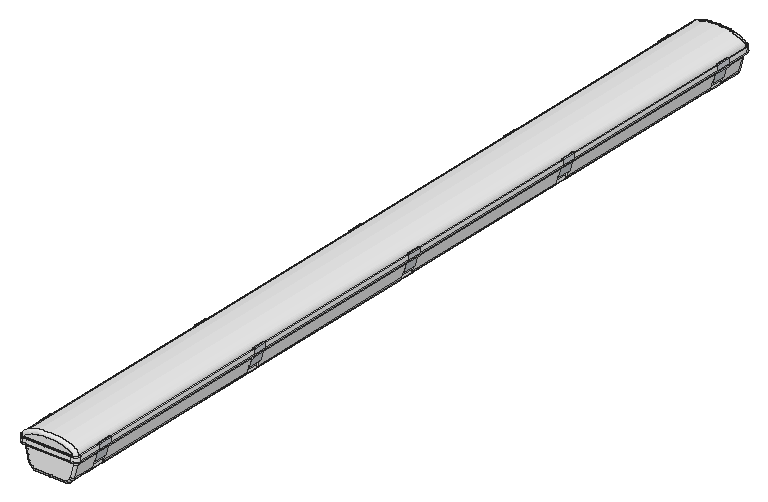
Revit family "0067958 Sylvania Lighting Fixture START Waterproof Twin 1500 IP65 MW 7100lm 840", category Lighting Fixtures, host Face, Revit 2016
Family settings
  Host = Face
  Part Type = Normal
  Round Connector Dimension = Use Diameter
  OmniClass Number = 23.80.70.11.14
  OmniClass Title = General Luminaries, Directional
  Cut with Voids When Loaded = No
  Light Source = Yes
  Shared = No
  Room Calculation Point = No
Parameters (values of type "0067958 ST WTRPRF T 1500 IP65 MW 7100LM 840")
  Width = 110 mm
  Weight = "kg"
  Wattage Comments = "n/a"
  Wattage = 61 W
  WarrantyStartDate [instance] = "n/a"
  WarrantyGuarantorParts = "n/a"
  WarrantyDurationUnit = "n/a"
  WarrantyDurationParts = "n/a"
  WarrantyDescription = "n/a"
  built-in parameter 1150110 = 1 (stored number, unit not read)
  Voltage = 0 V
  URL = "http://www.sylvania-lighting.com"
  TypeName = "START Waterproof Twin 1500 IP65 MW 7100lm 840"
  Type Image = <None>
  Type Comments = "n/a"
  built-in parameter 1114217 = 1 (stored number, unit not read)
  Tilt Angle = -90.00°
  built-in parameter 1150109 = 1 (stored number, unit not read)
  built-in parameter 1150134 = 12
  built-in parameter 1150113 = 1 (stored number, unit not read)
  SerialNumber [instance] = "n/a"
  ReflectorMaterial = none
  PowerFactor = 0
  PowerConsumption = "61 W"
  Photometric Web File = "0067958.ies"
  NominalWidth = 0 mm
  NominalLength = 1578 mm
  NominalHeight = 78 mm
  Name = "START Waterproof Twin 1500 IP65 MW 7100lm 840"
  ModelReference = "START Waterproof Twin 1500 IP65 MW 7100lm 840"
  ModelNumber = "0067958"
  Model = "START Waterproof Twin 1500 IP65 MW 7100lm 840"
  Material = "polycarbonate housing, polycarbonate diffuser"
  ManufacturerName = "Feilo Sylvania"
  Manufacturer = "Feilo Sylvania"
  LuminousEfficacy = "61 lm/W"
  built-in parameter 1150105 = 296.11 (stored number, unit not read)
  Lumens = 3721 lm
  LuminaireType = ""
  built-in parameter 1150115 = 1 (stored number, unit not read)
  LightOutputRatio = "n/a"
  built-in parameter 1150137 = (empty or 0)
  built-in parameter 1150139 = (empty or 0)
  Length = 1572 mm
  LampsType = Lamp  # "LED"
  LampNominalLuminous = "7050 lm"
  LampMacAdamStep = "n/a"
  LampColourTemperature = "4000 K"
  LampColourRenderingIndex = "80"
  built-in parameter 1150112 = 1 (stored number, unit not read)
  built-in parameter 1150114 = 1 (stored number, unit not read)
  Lamp = "LED"
  Keynote = "16500"
  InstallationDate [instance] = "n/a"
  InputVoltage = "n/a"
  InputNominalFrequency = "n/a"
  built-in parameter 1150132 = (empty or 0)
  built-in parameter 1150102 = (empty or 0)
  built-in parameter 1150107 = 4000 (stored number, unit not read)
  built-in parameter 1150138 = (empty or 0)
  IngressProtection = "IP65"
  ImpactProtectionIndex = "IK08"
  built-in parameter 1150106 = 2.9611 (stored number, unit not read)
  IfcExportType = "IfcLightFixtureType"
  IfcExportAs = "IfcLightFixtureType"
  ExpectedLife = 50000
  Emit from Rectangle Width = Width - 20 mm  # 90 mm
  Emit from Rectangle Length = Length - 20 mm  # 1552 mm
  Emit Shape Visible in Rendering = no
  ElectricShockClassification = "Class I"
  built-in parameter 1150104 = 5.6671 (stored number, unit not read)
  DurationUnit = "hours"
  DocumentationLiterature = "http://www.sylvania-lighting.com/product/en-int/products/0067958"
  DimmingControlOptions = "n/a"
  Dimming Lamp Color Temperature Shift = <None>
  DiffuserMaterial = Diffuser-Sylvania-Transparent
  Description = ""
  Default Elevation = 1219.2 mm
  CreatedOn = "11/27/2018"
  CreatedBy = "@sylvania-lighting.com"
  Cost = 0
  Color Filter = 16777215
  built-in parameter 1114216 [instance] = (empty or 0)
  ClassificationValue = "EF_70_80"
  ClassificationName = "Uniclass2015"
  BodyMaterial = Body-Sylvania-Gray
  BarCode [instance] = "n/a"
  built-in parameter 1114218 = 1 (stored number, unit not read)
  built-in parameter 1150133 = 10 (stored number, unit not read)
  AssetType = "Fixed"
  AssetIdentifier [instance] = "n/a"
  Assembly Code = "D5020200"
  Apparent Load = 61 VA
  AccessoryMaterial = Diffuser-Sylvania-Glow
Reference planes
  plane 1 "Center (Front/Back)": y = 0
  plane 2: z = 0
  plane 3 "Center (Left/Right)": x = 0
  plane 4: z = 54
  plane 5: x = -27.7
  plane 6: x = -34.8
  plane 7: x = -39.6
  plane 8: x = -42.2
  plane 9: z = 3
  plane 10: z = 7.8
  plane 11: z = 12.3
  plane 12: z = 36.6
  plane 13: z = 42.8
  plane 14: x = -51.1
  plane 15: z = 46.2
  plane 16: x = -55
  plane 17: y = 786
  plane 18: y = -786
  plane 19: x = 27.7
  plane 20: x = 34.8
  plane 21: x = 39.6
  plane 22: x = 42.2
  plane 23: x = 51.1
  plane 24: x = 55
  plane 25: y = 778.4
  plane 26: y = -778.4
  plane 27: y = -774.7
  plane 28: y = 774.7
  plane 29: z = 74
  plane 30: x = -51.5
  plane 31: x = 51.5
  plane 32: z = 55.2
  plane 33: y = -782.5
  plane 34: y = 782.5
  plane 35: x = -37.5
  plane 36: x = 37.5
  plane 37: x = -48.7
  plane 38: x = 48.7
  plane 39: x = 18
  plane 40: x = -18
  plane 41: z = 50.2
  plane 42: z = 24.6
  plane 43: y = 720
  plane 44: y = 706
  plane 45: y = 734
  plane 46: y = -720
  plane 47: y = 720
  plane 48: y = 706
  plane 49: y = 734
  plane 50: y = -720
  plane 51: y = -734
  plane 52: y = -706
  plane 53: y = 360
  plane 54: y = 346
  plane 55: y = 374
  plane 56: y = 0
  plane 57: y = -14
  plane 58: y = 14
  plane 59: y = -360
  plane 60: y = -374
  plane 61: y = -346
Forms (mm)
  Sweep 1, solid, material "Body-Sylvania-Gray" <- "BodyMaterial", detail levels medium+fine
    path origin (1223.4, -4572, 54) x (0, -1, 0) y (1, 0, 0)
      loop
        arc (-3796, -1278.4) -> (-3788.929, -1275.471) -> (-3786, -1268.4) r 10
        line (-3786, -1268.4) -> (-3786, -1178.4)
        arc (-3786, -1178.4) -> (-3788.929, -1171.329) -> (-3796, -1168.4) r 10
        line (-3796, -1168.4) -> (-5348, -1168.4)
        arc (-5348, -1168.4) -> (-5355.071, -1171.329) -> (-5358, -1178.4) r 10
        line (-5358, -1178.4) -> (-5358, -1268.4)
        arc (-5358, -1268.4) -> (-5355.071, -1275.471) -> (-5348, -1278.4) r 10
        line (-5348, -1278.4) -> (-3796, -1278.4)
    profile origin (-55, 0, 54) x (-1, 0, 0) y (0, 0, 1)
      loop
        line (0, 0) -> (-1, 0) -> (-1, -7.726)
        arc (-1, -7.726) -> (-1.994, -9.498) -> (-3.9, -10.2) r 2.937
        line (-3.9, -10.2) -> (-8.571, -10.2) -> (-8.571, -11.2) -> (-3.9, -11.2)
        arc (-3.9, -11.2) -> (-1.313, -10.231) -> (0, -7.8) r 3.937
        line (0, -7.8) -> (0, 0)
  Sweep 2, solid, material "Body-Sylvania-Gray" <- "BodyMaterial", detail levels medium+fine
    path origin (0, 0, 0) x (1, 0, 0) y (0, 0, 1)
      loop
        line (48.7, 42.8) -> (48.7, 36.6) -> (42.203, 12.31)
        arc (42.203, 12.31) -> (41.199, 9.884) -> (39.6, 7.8) r 10.052
        line (39.6, 7.8) -> (34.8, 3)
        arc (34.8, 3) -> (31.554, 0.781) -> (27.7, 0) r 9.902
        line (27.7, 0) -> (0, 0) -> (-27.7, 0)
        arc (-27.7, 0) -> (-31.554, 0.781) -> (-34.8, 3) r 9.902
        line (-34.8, 3) -> (-39.6, 7.8)
        arc (-39.6, 7.8) -> (-41.199, 9.884) -> (-42.203, 12.31) r 10.052
        line (-42.203, 12.31) -> (-48.7, 36.6) -> (-48.7, 42.8)
    profile origin (0, 0, 0) x (0, 0, -1) y (0, -1, 0)
      loop
        arc (0, 773.4) -> (-1.464, 776.936) -> (-5, 778.4) r 5
        line (-5, 778.4) -> (-7.8, 778.4) -> (-7.8, -778.4) -> (-5, -778.4)
        arc (-5, -778.4) -> (-1.464, -776.936) -> (0, -773.4) r 5
        line (0, -773.4) -> (0, 773.4)
  Extrusion 3, solid, material "Body-Sylvania-Gray" <- "BodyMaterial", detail levels medium+fine
    sketch origin (1524, 778.4, 1219.2) x (1, 0, 0) y (0, 0, 1)
      loop
        arc (-1558.668, -1204.874) -> (-1558.443, -1205.418) -> (-1558.085, -1205.885) r 2.252
        line (-1558.085, -1205.885) -> (-1553.231, -1210.738)
        arc (-1553.231, -1210.738) -> (-1552.534, -1211.227) -> (-1551.7, -1211.4) r 2.102
        line (-1551.7, -1211.4) -> (-1496.3, -1211.4)
        arc (-1496.3, -1211.4) -> (-1495.466, -1211.227) -> (-1494.769, -1210.738) r 2.102
        line (-1494.769, -1210.738) -> (-1489.915, -1205.885)
        arc (-1489.915, -1205.885) -> (-1489.557, -1205.418) -> (-1489.332, -1204.874) r 2.252
        line (-1489.332, -1204.874) -> (-1483.1, -1181.575) -> (-1483.1, -1176.4) -> (-1564.9, -1176.4) -> (-1564.9, -1181.575) -> (-1558.668, -1204.874)
    from 0 to 1556.8
  Sweep 4, solid, material "Diffuser-Sylvania-Transparent" <- "DiffuserMaterial", detail levels medium+fine
    path origin (0, 0, 0) x (1, 0, 0) y (0, 0, 1)
      loop
        spline (-51.5, 55.2) -> (-49.745, 60.066) -> (-44.6, 64.6) -> (-36.416, 68.494) -> (-25.75, 71.481) -> (-13.329, 73.359) -> (0, 74) -> (13.329, 73.359) -> (25.75, 71.481) -> (36.416, 68.494) -> (44.6, 64.6) -> (49.745, 60.066) -> (51.5, 55.2)
    profile origin (51.5, 0, 55.2) x (0, -1, 0) y (1, 0, 0)
      loop
        arc (782.5, -5.5) -> (780.889, -1.611) -> (777, 0) r 5.5
        line (777, 0) -> (-777, 0)
        arc (-777, 0) -> (-780.889, -1.611) -> (-782.5, -5.5) r 5.5
        line (-782.5, -5.5) -> (-782.5, -6.3) -> (-781.5, -6.3) -> (-781.5, -5.5)
        arc (-781.5, -5.5) -> (-780.182, -2.318) -> (-777, -1) r 4.5
        line (-777, -1) -> (777, -1)
        arc (777, -1) -> (780.182, -2.318) -> (781.5, -5.5) r 4.5
        line (781.5, -5.5) -> (781.5, -6.347) -> (782.5, -6.347) -> (782.5, -5.5)
  Extrusion 5, solid, material "Diffuser-Sylvania-Transparent" <- "DiffuserMaterial", detail levels medium+fine
    sketch origin (1524, -782.5, 1219.2) x (1, 0, 0) y (0, 0, 1)
      loop
        line (-1569.653, -1164) -> (-1478.347, -1164)
        spline (-1478.347, -1164) -> (-1478.969, -1162.594) -> (-1482.527, -1159.545) -> (-1489.588, -1156.201) -> (-1499.458, -1153.445) -> (-1511.242, -1151.663) -> (-1524, -1151.049) -> (-1536.758, -1151.663) -> (-1548.542, -1153.445) -> (-1558.412, -1156.201) -> (-1565.473, -1159.545) -> (-1569.031, -1162.594) -> (-1569.653, -1164)
    from 0 to -1
  Extrusion 6, solid, material "Diffuser-Sylvania-Transparent" <- "DiffuserMaterial", detail levels medium+fine
    sketch origin (1524, 782.5, 1219.2) x (1, 0, 0) y (0, 0, 1)
      loop
        spline (-1478.3, -1164) -> (-1478.931, -1162.565) -> (-1482.502, -1159.505) -> (-1489.572, -1156.155) -> (-1499.446, -1153.394) -> (-1511.236, -1151.614) -> (-1524, -1151.007) -> (-1536.764, -1151.614) -> (-1548.554, -1153.394) -> (-1558.428, -1156.155) -> (-1565.498, -1159.505) -> (-1569.069, -1162.565) -> (-1569.7, -1164)
        line (-1569.7, -1164) -> (-1478.3, -1164)
    from 0 to 1
  Extrusion 7, solid, material "Diffuser-Sylvania-Transparent" <- "DiffuserMaterial", detail levels medium+fine
    sketch origin (1223.4, -4572, 55.2) x (0, -1, 0) y (-1, 0, 0)
      loop
        arc (-5353.5, 1177.4) -> (-5352.182, 1174.218) -> (-5349, 1172.9) r 4.5
        line (-5349, 1172.9) -> (-3795, 1172.9)
        arc (-3795, 1172.9) -> (-3791.818, 1174.218) -> (-3790.5, 1177.4) r 4.5
        line (-3790.5, 1177.4) -> (-3790.5, 1269.4)
        arc (-3790.5, 1269.4) -> (-3791.818, 1272.582) -> (-3795, 1273.9) r 4.5
        line (-3795, 1273.9) -> (-5349, 1273.9)
        arc (-5349, 1273.9) -> (-5352.182, 1272.582) -> (-5353.5, 1269.4) r 4.5
        line (-5353.5, 1269.4) -> (-5353.5, 1177.4)
      loop
        line (-5358, 1268.4) -> (-5358, 1178.4)
        arc (-5358, 1178.4) -> (-5355.071, 1171.329) -> (-5348, 1168.4) r 10
        line (-5348, 1168.4) -> (-3796, 1168.4)
        arc (-3796, 1168.4) -> (-3788.929, 1171.329) -> (-3786, 1178.4) r 10
        line (-3786, 1178.4) -> (-3786, 1268.4)
        arc (-3786, 1268.4) -> (-3788.929, 1275.471) -> (-3796, 1278.4) r 10
        line (-3796, 1278.4) -> (-5348, 1278.4)
        arc (-5348, 1278.4) -> (-5355.071, 1275.471) -> (-5358, 1268.4) r 10
    from 0 to 1.2
  Extrusion 8, solid, material "Diffuser-Sylvania-Glow" <- "AccessoryMaterial", detail levels fine
    sketch origin (0, 0, 0) x (1, 0, 0) y (0, 0, 1)
      loop
        circle (-18, 50.2) r 8
      loop
        circle (18, 50.2) r 8
    from -774.7 to 774.7
  Extrusion 9, void
    sketch origin (0, 720, 2343.807) x (0, 0, -1) y (-1, 0, 0)
      loop
        line (2340.807, -37.5) -> (2331.507, -37.5) -> (2319.207, -42.2) -> (2319.207, -48.7) -> (2340.807, -48.7) -> (2340.807, -37.5)
      loop
        line (2340.807, 37.5) -> (2340.807, 48.7) -> (2319.207, 48.7) -> (2319.207, 42.2) -> (2331.507, 37.5) -> (2340.807, 37.5)
    from -14 to 14
  Extrusion 10, solid, material "Body-Sylvania-Gray" <- "BodyMaterial", detail levels coarse
    sketch origin (0, 0, 0) x (1, 0, 0) y (0, 0, 1)
      loop
        line (55, 42.8) -> (55, 55.2) -> (-55, 55.2) -> (-55, 42.791) -> (-42.2, 0) -> (42.2, 0) -> (55, 42.8)
    from -786 to 786
  Extrusion 11, solid, material "Diffuser-Sylvania-Transparent" <- "DiffuserMaterial", detail levels coarse
    sketch origin (0, 0, 0) x (1, 0, 0) y (0, 0, 1)
      loop
        arc (51.5, 55.2) -> (0, 74) -> (-51.5, 55.2) r 79.939
        line (-51.5, 55.2) -> (51.5, 55.2)
    from 778.4 to -778.4
  Extrusion 12, void, not visible
    sketch origin (0, 720, 2343.807) x (0, 0, -1) y (-1, 0, 0)
      loop
        line (2340.807, -37.5) -> (2331.507, -37.5) -> (2319.207, -42.2) -> (2319.207, -48.7) -> (2340.807, -48.7) -> (2340.807, -37.5)
      loop
        line (2340.807, 37.5) -> (2340.807, 48.7) -> (2319.207, 48.7) -> (2319.207, 42.2) -> (2331.507, 37.5) -> (2340.807, 37.5)
    from -14 to 14
  Extrusion 13, void
    sketch origin (0, -720, 2343.807) x (0, 0, -1) y (-1, 0, 0)
      loop
        line (2340.807, -37.5) -> (2331.507, -37.5) -> (2319.207, -42.2) -> (2319.207, -48.7) -> (2340.807, -48.7) -> (2340.807, -37.5)
      loop
        line (2340.807, 37.5) -> (2340.807, 48.7) -> (2319.207, 48.7) -> (2319.207, 42.2) -> (2331.507, 37.5) -> (2340.807, 37.5)
    from -14 to 14
  Extrusion 14, void
    sketch origin (0, 360, 2343.807) x (0, 0, -1) y (-1, 0, 0)
      loop
        line (2340.807, -37.5) -> (2331.507, -37.5) -> (2319.207, -42.2) -> (2319.207, -48.7) -> (2340.807, -48.7) -> (2340.807, -37.5)
      loop
        line (2340.807, 37.5) -> (2340.807, 48.7) -> (2319.207, 48.7) -> (2319.207, 42.2) -> (2331.507, 37.5) -> (2340.807, 37.5)
    from -14 to 14
  Extrusion 15, void
    sketch origin (0, 0, 2343.807) x (0, 0, -1) y (-1, 0, 0)
      loop
        line (2340.807, -37.5) -> (2331.507, -37.5) -> (2319.207, -42.2) -> (2319.207, -48.7) -> (2340.807, -48.7) -> (2340.807, -37.5)
      loop
        line (2340.807, 37.5) -> (2340.807, 48.7) -> (2319.207, 48.7) -> (2319.207, 42.2) -> (2331.507, 37.5) -> (2340.807, 37.5)
    from -14 to 14
  Extrusion 16, void
    sketch origin (0, -360, 2343.807) x (0, 0, -1) y (-1, 0, 0)
      loop
        line (2340.807, -37.5) -> (2331.507, -37.5) -> (2319.207, -42.2) -> (2319.207, -48.7) -> (2340.807, -48.7) -> (2340.807, -37.5)
      loop
        line (2340.807, 37.5) -> (2340.807, 48.7) -> (2319.207, 48.7) -> (2319.207, 42.2) -> (2331.507, 37.5) -> (2340.807, 37.5)
    from -14 to 14
Cuts and joins
  Extrusion 9, Extrusion 13, Extrusion 14, Extrusion 15, Extrusion 16 cuts Sweep 2
  Extrusion 13, Extrusion 14, Extrusion 15, Extrusion 16 cuts Extrusion 3
  joined: Sweep 2, Extrusion 3
  joined: Sweep 4, Extrusion 5, Extrusion 6
Dimensions and locks
  locked: plane 4 to plane 2 at 54
  plane 5 to plane 6 to plane 7 to plane 8 to plane 14 to plane 16 = 7.1 mm locked, 4.8 mm locked, 2.6 mm locked, 8.9 mm, 3.9 mm
  plane 4 to plane 15 to plane 13 to plane 12 to plane 11 to plane 10 to plane 9 = 7.8 mm locked, 3.4 mm, 6.2 mm locked, 24.3 mm locked, 4.5 mm locked, 4.8 mm locked
  equal spacing: plane 18, plane 1 "Center (Front/Back)", plane 17
  "Length": plane 18 to plane 17
  plane 19 to plane 20 to plane 21 to plane 22 to plane 23 to plane 24 = 7.1 mm locked, 4.8 mm locked, 2.6 mm locked, 8.9 mm, 3.9 mm
  equal spacing: plane 24, plane 3 "Center (Left/Right)", plane 16
  "Width": plane 24 to plane 16
  equal spacing: plane 27, plane 1 "Center (Front/Back)", plane 28
  locked: plane 26 to plane 27 at 3.7
  locked: Sweep 1 sketch curve to profile plane at 1
  locked: Sweep 1 sketch curve to plane 13 at 1
  locked: Sweep 1 sketch curve to plane 13 at 3.937  (x2)
  locked: Sweep 1 sketch curve to profile plane at 3.9  (x2)
  locked: plane 29 to plane 4 at 20
  equal spacing: plane 31, plane 3 "Center (Left/Right)", plane 30
  locked: plane 30 to plane 16 at 3.5
  locked: plane 32 to plane 4 at 1.2
  equal spacing: plane 33, plane 1 "Center (Front/Back)", plane 34
  equal spacing: plane 36, plane 3 "Center (Left/Right)", plane 35
  locked: plane 3 "Center (Left/Right)" to plane 35 at 37.5
  locked: plane 34 to plane 17 at 3.5
  equal spacing: plane 38, plane 3 "Center (Left/Right)", plane 37
  locked: plane 37 to plane 16 at 6.3
  equal spacing: plane 25, plane 1 "Center (Front/Back)", plane 26
  locked: plane 17 to plane 25 at 7.6
  locked: Sweep 2 sketch curve to plane 2 at 5  (x2)
  locked: Sweep 2 sketch curve to plane 26 at 5
  locked: plane 25 to Sweep 2 sketch curve at 5
  locked: Sweep 4 sketch curve to plane 31 at 5.5  (x2)
  locked: Sweep 4 sketch curve to plane 34 at 5.5
  plane 33 to Sweep 4 sketch curve = 5.5 mm
  locked: plane 34 to Sweep 4 sketch curve at 1
  locked: Sweep 4 sketch curve to plane 31 at 1
  locked: Sweep 4 sketch curve to Sweep 4 sketch curve at 1
  locked: Sweep 4 sketch curve to plane 31 at 6.347
  locked: Sweep 4 sketch curve to plane 31 at 6.3
  equal spacing: plane 39, plane 3 "Center (Left/Right)", plane 40
  locked: plane 3 "Center (Left/Right)" to plane 40 at 18
  locked: plane 42 to plane 2 at 24.6
  plane 45 to plane 43 to plane 44 = 14 mm locked, 14 mm locked
  locked: plane 17 to plane 43 at 66
  equal spacing: plane 43, plane 1 "Center (Front/Back)", plane 46
  plane 49 to plane 47 to plane 48 = 14 mm locked, 14 mm locked
  plane 52 to plane 50 to plane 51 = 14 mm locked, 14 mm locked  (x2)
  equal spacing: group 1, group 6, group 7, group 8, group 5  (x2)
  equal spacing: group 5, group 8, group 7, group 6, group 1
  plane 55 to plane 53 to plane 54 = 14 mm locked, 14 mm locked  (x2)
  plane 58 to plane 56 to plane 57 = 14 mm locked, 14 mm locked  (x2)
  plane 61 to plane 59 to plane 60 = 14 mm locked, 14 mm locked  (x2)
  plane 43 to plane 53 to plane 1 "Center (Front/Back)" to plane 59 to plane 50 = 360 mm locked, 360 mm locked, 360 mm locked, 360 mm locked
  aligned and locked: plane 2 to host face
  aligned and locked: level to host face
  aligned and locked: plane 16 to Sweep 1 sketch curve
  aligned and locked: Sweep 1 sketch curve to plane 24
  aligned and locked: plane 18 to Sweep 1 sketch curve
  aligned and locked: Sweep 1 sketch curve to plane 13
  aligned and locked: profile plane to Sweep 1 sketch curve
  aligned and locked: plane 3 "Center (Left/Right)" to Sweep 2 sketch curve
  aligned and locked: plane 9 to Sweep 2 sketch curve
  aligned and locked: plane 10 to Sweep 2 sketch curve
  aligned and locked: plane 37 to Sweep 2 sketch curve
  aligned and locked: plane 12 to Sweep 2 sketch curve
  aligned and locked: Sweep 2 sketch curve to level
  aligned and locked: plane 21 to Sweep 2 sketch curve
  aligned and locked: plane 38 to Sweep 2 sketch curve
  aligned and locked: profile plane to Sweep 2 sketch curve
  aligned and locked: plane 25 to Sweep 2 sketch curve
  aligned and locked: Sweep 2 sketch curve to plane 10
  aligned and locked: Extrusion 3 sketch curve to Sweep 2  (x7)
  aligned and locked: Sweep 2 to Extrusion 3 sketch curve
  aligned and locked: Extrusion 3 to plane 25
  aligned and locked: plane 26 to Extrusion 3
  aligned and locked: plane 32 to Sweep 4 sketch curve
  aligned and locked: plane 33 to Sweep 4 sketch curve
  aligned and locked: Sweep 4 to Extrusion 5
  aligned and locked: plane 33 to Extrusion 5
  aligned and locked: Extrusion 5 sketch curve to Sweep 4
  aligned and locked: cut or joined group of Sweep 4, Extrusion 5, Extrusion 6 to Extrusion 6 sketch curve
  aligned and locked: Extrusion 7 sketch curve to cut or joined group of Sweep 4, Extrusion 5, Extrusion 6  (x2)
  aligned and locked: cut or joined group of Sweep 4, Extrusion 5, Extrusion 6 to Extrusion 7 sketch curve  (x2)
  aligned and locked: plane 41 to Extrusion 8 sketch curve  (x2)
  aligned and locked: plane 39 to Extrusion 8 sketch curve
  aligned and locked: plane 27 to Extrusion 8
  aligned and locked: Extrusion 8 to plane 28
  aligned and locked: Extrusion 9 to plane 42
  aligned and locked: plane 9 to Extrusion 9
  aligned and locked: plane 44 to Extrusion 9
  aligned and locked: Extrusion 9 to plane 45
  aligned and locked: Extrusion 7 sketch curve to Sweep 1  (x4)
  aligned and locked: plane 4 to Extrusion 7
  aligned and locked: Extrusion 7 to plane 32
  aligned and locked: nested 2 to plane 43
  aligned and locked: plane 43 to nested 1
  aligned and locked: Extrusion 10 sketch curve to plane 24
  aligned and locked: Extrusion 10 sketch curve to Extrusion 7
  aligned and locked: plane 8 to Extrusion 10 sketch curve
  aligned and locked: plane 22 to Extrusion 10 sketch curve
  aligned and locked: level to Extrusion 10 sketch curve
  aligned and locked: Extrusion 10 to plane 17
  aligned and locked: plane 18 to Extrusion 10
  aligned and locked: cut or joined group of Sweep 4, Extrusion 5, Extrusion 6 to Extrusion 11 sketch curve
  aligned and locked: Extrusion 11 sketch curve to cut or joined group of Sweep 4, Extrusion 5, Extrusion 6  (x2)
  aligned and locked: plane 31 to Extrusion 11 sketch curve
  aligned and locked: plane 30 to Extrusion 11 sketch curve
  aligned and locked: plane 26 to Extrusion 11
  aligned and locked: Extrusion 11 to plane 25
  aligned and locked: imposter light to plane 29
  aligned and locked: plane 3 "Center (Left/Right)" to imposter light
  aligned and locked: plane 1 "Center (Front/Back)" to imposter light
  aligned and locked: plane 51 to Extrusion 13
  aligned and locked: Extrusion 13 to plane 52
  aligned and locked: plane 54 to Extrusion 14
  aligned and locked: Extrusion 14 to plane 55
  aligned and locked: plane 57 to Extrusion 15
  aligned and locked: Extrusion 15 to plane 58
  aligned and locked: plane 60 to Extrusion 16
  aligned and locked: Extrusion 16 to plane 61
  aligned and locked: nested 3 to plane 53
  aligned and locked: plane 53 to nested 10
  aligned and locked: nested 4 to plane 56
  aligned and locked: plane 56 to nested 9
  aligned and locked: nested 5 to plane 59
  aligned and locked: plane 59 to nested 8
  aligned and locked: nested 6 to plane 50
  aligned and locked: plane 50 to nested 7
Automatic sketch dimensions
  host sketch curve to host sketch curve = 2438.4 mm  (x2)
  plane 17 to Sweep 1 sketch curve = 0 mm
  Sweep 1 sketch curve to plane 28 = 1.3 mm
  Sweep 1 sketch curve to plane 7 = 5.4 mm
  plane 27 to Sweep 1 sketch curve = 1.3 mm  (x2)
  Sweep 1 sketch curve to Sweep 1 sketch curve = 4.671 mm
  Sweep 1 sketch curve to plane 4 = 0 mm
  Sweep 2 sketch curve to plane 7 = 0 mm
  Sweep 2 sketch curve to plane 6 = 0 mm
  Sweep 2 sketch curve to plane 5 = 0 mm
  plane 19 to Sweep 2 sketch curve = 0 mm
  Sweep 2 sketch curve to plane 9 = 0 mm
  plane 20 to Sweep 2 sketch curve = 0 mm
  Sweep 2 sketch curve to plane 12 = 0 mm
  Sweep 2 sketch curve to plane 10 = 0 mm
  Sweep 2 sketch curve to plane 13 = 0 mm  (x2)
  Sweep 2 sketch curve to plane 8 = 0.003 mm
  plane 6 to Sweep 2 sketch curve = 2.308 mm
  plane 20 to Sweep 2 sketch curve = 2.308 mm
  Sweep 2 sketch curve to plane 22 = 0.003 mm
  Sweep 2 sketch curve to plane 11 = 0.01 mm  (x2)
  Extrusion 3 sketch curve to plane 5 = 0 mm
  plane 19 to Extrusion 3 sketch curve = 0 mm
  plane 6 to Extrusion 3 sketch curve = 0.132 mm
  plane 6 to Extrusion 3 sketch curve = 0.715 mm
  Extrusion 3 sketch curve to Extrusion 3 sketch curve = 1.592 mm
  Extrusion 3 sketch curve to plane 10 = 0.662 mm  (x2)
  plane 20 to Extrusion 3 sketch curve = 2.308 mm
  plane 20 to Extrusion 3 sketch curve = 0.715 mm
  plane 20 to Extrusion 3 sketch curve = 0.132 mm
  Sweep 4 sketch curve to plane 30 = 0 mm
  Sweep 4 sketch curve to plane 3 "Center (Left/Right)" = 0 mm
  Sweep 4 sketch curve to Sweep 4 sketch curve = 0 mm  (x2)
  plane 37 to Extrusion 5 sketch curve = 3.047 mm
  Extrusion 5 sketch curve to plane 38 = 3.047 mm
  plane 37 to Extrusion 6 sketch curve = 3 mm
  Extrusion 6 sketch curve to plane 38 = 3 mm
  plane 25 to Extrusion 7 sketch curve = 1.4 mm  (x2)
  Extrusion 7 sketch curve to plane 26 = 1.4 mm  (x2)
  Extrusion 8 sketch curve to plane 40 = 0 mm
  Extrusion 9 sketch curve to Extrusion 9 sketch curve = 0 mm
  Extrusion 9 sketch curve to Extrusion 9 sketch curve = 12.3 mm  (x2)
  Extrusion 9 sketch curve to Extrusion 9 sketch curve = 9.3 mm  (x2)
  Extrusion 9 sketch curve to Extrusion 9 sketch curve = 6.5 mm
  Extrusion 9 sketch curve to Extrusion 9 sketch curve = 4.7 mm  (x2)
  Extrusion 9 sketch curve to Extrusion 9 sketch curve = 75 mm
  Extrusion 9 sketch curve to Extrusion 9 sketch curve = 11.2 mm
  Extrusion 10 sketch curve to plane 13 = 0 mm
  plane 13 to Extrusion 10 sketch curve = 0.009 mm
  Extrusion 11 sketch curve to level = 5.939 mm
  Extrusion 10 sketch curve to plane 16 = 0 mm
  Extrusion 12 sketch curve to Extrusion 12 sketch curve = 0 mm
  Extrusion 12 sketch curve to Extrusion 12 sketch curve = 12.3 mm  (x2)
  Extrusion 12 sketch curve to Extrusion 12 sketch curve = 9.3 mm  (x2)
  Extrusion 12 sketch curve to Extrusion 12 sketch curve = 6.5 mm
  Extrusion 12 sketch curve to Extrusion 12 sketch curve = 4.7 mm  (x2)
  Extrusion 12 sketch curve to Extrusion 12 sketch curve = 75 mm
  Extrusion 12 sketch curve to Extrusion 12 sketch curve = 11.2 mm
  Extrusion 13 sketch curve to Extrusion 13 sketch curve = 0 mm
  Extrusion 13 sketch curve to Extrusion 13 sketch curve = 12.3 mm  (x2)
  Extrusion 13 sketch curve to Extrusion 13 sketch curve = 9.3 mm  (x2)
  Extrusion 13 sketch curve to Extrusion 13 sketch curve = 6.5 mm
  Extrusion 13 sketch curve to Extrusion 13 sketch curve = 4.7 mm  (x2)
  Extrusion 13 sketch curve to Extrusion 13 sketch curve = 75 mm
  Extrusion 13 sketch curve to Extrusion 13 sketch curve = 11.2 mm
  Extrusion 14 sketch curve to Extrusion 14 sketch curve = 0 mm
  Extrusion 14 sketch curve to Extrusion 14 sketch curve = 12.3 mm  (x2)
  Extrusion 14 sketch curve to Extrusion 14 sketch curve = 9.3 mm  (x2)
  Extrusion 14 sketch curve to Extrusion 14 sketch curve = 6.5 mm
  Extrusion 14 sketch curve to Extrusion 14 sketch curve = 4.7 mm  (x2)
  Extrusion 14 sketch curve to Extrusion 14 sketch curve = 75 mm
  Extrusion 14 sketch curve to Extrusion 14 sketch curve = 11.2 mm
  Extrusion 15 sketch curve to Extrusion 15 sketch curve = 0 mm
  Extrusion 15 sketch curve to Extrusion 15 sketch curve = 12.3 mm  (x2)
  Extrusion 15 sketch curve to Extrusion 15 sketch curve = 9.3 mm  (x2)
  Extrusion 15 sketch curve to Extrusion 15 sketch curve = 6.5 mm
  Extrusion 15 sketch curve to Extrusion 15 sketch curve = 4.7 mm  (x2)
  Extrusion 15 sketch curve to Extrusion 15 sketch curve = 75 mm
  Extrusion 15 sketch curve to Extrusion 15 sketch curve = 11.2 mm
  Extrusion 16 sketch curve to Extrusion 16 sketch curve = 0 mm
  Extrusion 16 sketch curve to Extrusion 16 sketch curve = 12.3 mm  (x2)
  Extrusion 16 sketch curve to Extrusion 16 sketch curve = 9.3 mm  (x2)
  Extrusion 16 sketch curve to Extrusion 16 sketch curve = 6.5 mm
  Extrusion 16 sketch curve to Extrusion 16 sketch curve = 4.7 mm  (x2)
  Extrusion 16 sketch curve to Extrusion 16 sketch curve = 75 mm
  Extrusion 16 sketch curve to Extrusion 16 sketch curve = 11.2 mm
  radius of Extrusion 8 sketch curve = 8 mm  (x2)
Nested families
  nested 1: "Clip" at (42.2, 720, 24.6), type "Clip", detail levels fine
  nested 2: "Clip" at (-42.2, 720, 24.6) x (-1, 0, 0) z (0, 0, 1), type "Clip", detail levels fine
  nested 3: "Clip" at (-42.2, 360, 24.6) x (-1, 0, 0) z (0, 0, 1), type "Clip", detail levels fine
  nested 4: "Clip" at (-42.2, 0, 24.6) x (-1, 0, 0) z (0, 0, 1), type "Clip", detail levels fine
  nested 5: "Clip" at (-42.2, -360, 24.6) x (-1, 0, 0) z (0, 0, 1), type "Clip", detail levels fine
  nested 6: "Clip" at (-42.2, -720, 24.6) x (-1, 0, 0) z (0, 0, 1), type "Clip", detail levels fine
  nested 7: "Clip" at (42.2, -720, 24.6), type "Clip", detail levels fine
  nested 8: "Clip" at (42.2, -360, 24.6), type "Clip", detail levels fine
  nested 9: "Clip" at (42.2, 0, 24.6), type "Clip", detail levels fine
  nested 10: "Clip" at (42.2, 360, 24.6), type "Clip", detail levels fine
Connectors
  electrical at (0, 0, 0), driven by "Apparent Load"
    settings: index 1, voltage 230 V, apparent load 61 VA, apparent load phase1 0 VA, apparent load phase2 0 VA, apparent load phase3 0 VA, power factor 0, load classification "Lighting", number of poles 1, system type 30, power factor state 1, is connector primary yes, connector utility no, sub classification motor no, connector description ""
Definition of nested family "Clip"
  Parameters (values of type "Clip")
    URL = "http://www.feilosylvania.com"
    Type Comments = "n/a"
    Model = "n/a"
    Manufacturer = "Feilo Sylvania"
    Keynote = "n/a"
    Description = "n/a"
    Default Elevation = 1219.2 mm
    Cost = 0
    BodyMaterial = none
    Assembly Code = "n/a"
  Reference planes
    plane 1 "Center (Front/Back)": y = 0
    plane 2: z = 0
    plane 3 "Center (Left/Right)": x = 0
    plane 4: x = 3.3
    plane 5: x = 6.5
    plane 6: x = 8.9
    plane 7: x = 12.8
    plane 8: z = 12
    plane 9: z = 18.2
    plane 10: z = 21.6
    plane 11: z = 30.6
    plane 12: x = 9.3
    plane 13: z = 19.2
    plane 14: z = 16.2
    plane 15: x = 10.1
    plane 16: y = 12
    plane 17: y = -12
  Forms (mm)
    Extrusion 1, solid
      sketch origin (-0.8, 0, 0) x (1, 0, 0) y (0, 1, 0)
        loop
          line (-1219.2, 1219.2) -> (-1219.2, -1219.2) -> (1219.2, -1219.2) -> (1219.2, 1219.2) -> (-1219.2, 1219.2)
      from 0 to -304.8
    Extrusion 2, solid
      sketch origin (0, 0, 0) x (1, 0, 0) y (0, 0, 1)
        loop
          line (8.9, 16.2) -> (4.58, 0) -> (0, 0) -> (0, -0.8) -> (5.195, -0.8) -> (9.603, 15.731) -> (13.6, 18.806) -> (13.6, 30.6)
          arc (13.6, 30.6) -> (11.45, 32.75) -> (9.3, 30.6) r 2.15
          line (9.3, 30.6) -> (10.1, 30.6)
          arc (10.1, 30.6) -> (11.45, 31.95) -> (12.8, 30.6) r 1.35
          line (12.8, 30.6) -> (12.8, 19.2) -> (8.9, 16.2)
      from -12 to 12
  Lines and regions (mm)
    reference lines
      curve 1: line (3.3, 0, 0) -> (6.5, 0, 12)
      curve 2: arc (8.9, 0, 18.2) -> (11.488, 0, 19.169) -> (12.8, 0, 21.6) r 3.934
  Dimensions and locks
    plane 7 to plane 6 to plane 5 to plane 4 to plane 3 "Center (Left/Right)" = 3.9 mm locked, 2.4 mm locked, 3.2 mm locked, 3.3 mm locked
    plane 11 to plane 10 to plane 9 to plane 8 to plane 2 = 9 mm locked, 3.4 mm locked, 6.2 mm locked, 12 mm locked
    locked: plane 7 to plane 12 at 3.5
    locked: plane 13 to plane 9 at 1
    locked: plane 9 to plane 14 at 2
    locked: plane 15 to plane 12 at 0.8
    locked: plane 2 to Extrusion 2 sketch curve at 0.8
    locked: Extrusion 2 sketch curve to Extrusion 2 sketch curve at 0.8  (x3)
    locked: plane 7 to Extrusion 2 sketch curve at 1.35
    equal spacing: plane 17, plane 1 "Center (Front/Back)", plane 16
    locked: plane 1 "Center (Front/Back)" to plane 16 at 12
    aligned and locked: plane 2 to Extrusion 1
    aligned and locked: level to Extrusion 1
    aligned and locked: plane 4 to curve 1
    aligned and locked: plane 5 to curve 1
    aligned and locked: plane 6 to curve 2
    aligned and locked: plane 10 to curve 2
    aligned and locked: plane 14 to Extrusion 2 sketch curve
    aligned and locked: plane 13 to Extrusion 2 sketch curve
    aligned and locked: plane 7 to Extrusion 2 sketch curve
    aligned and locked: plane 3 "Center (Left/Right)" to Extrusion 2 sketch curve
    aligned and locked: Extrusion 2 sketch curve to level
    aligned and locked: Extrusion 2 sketch curve to plane 11
    aligned and locked: plane 11 to Extrusion 2 sketch curve
    aligned and locked: Extrusion 2 to plane 16
    aligned and locked: plane 17 to Extrusion 2
  Automatic sketch dimensions
    Extrusion 1 sketch curve to Extrusion 1 sketch curve = 2438.4 mm  (x2)
    curve 2 to plane 7 = 0 mm
    curve 1 to level = 0 mm
    curve 1 to plane 8 = 0 mm
    curve 2 to plane 9 = 0 mm
    plane 6 to curve 2 = 0.002 mm
    Extrusion 2 sketch curve to Extrusion 2 sketch curve = 0 mm
    Extrusion 2 sketch curve to plane 6 = 0 mm
    plane 4 to Extrusion 2 sketch curve = 1.28 mm
